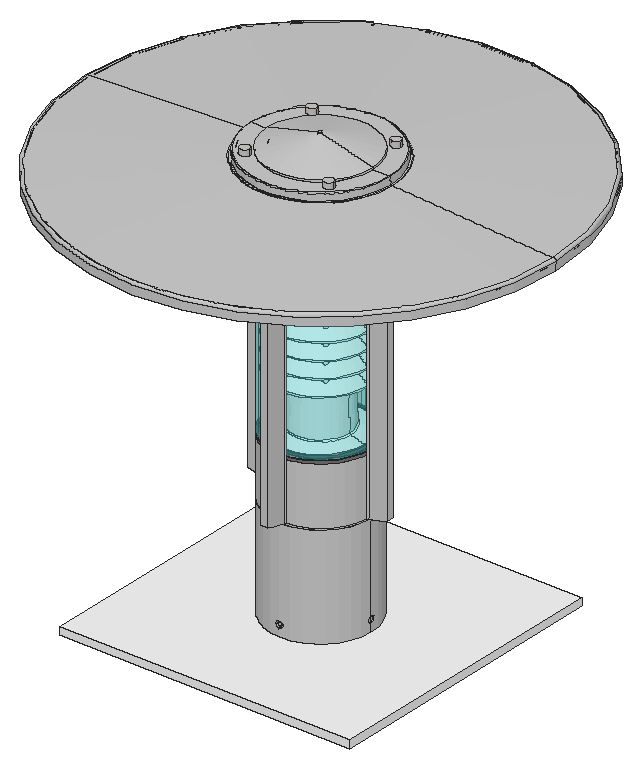
Revit family "BE_77142_de_DE", category Leuchten, Revit 2015 (continued)
Definition of nested family "BE_77142"
  Automatic sketch dimensions
    plane 3 "Mitte (Links/Rechts)" to Extrusion 42 sketch curve = 34.689 mm
    plane 1 "Mitte (Oben/Unten)" to Extrusion 42 sketch curve = 34.849 mm
    Extrusion 43 sketch curve to Extrusion 43 sketch curve = 0.396 mm  (x2)
    Extrusion 43 sketch curve to Extrusion 43 sketch curve = 1.479 mm  (x2)
    Extrusion 43 sketch curve to Extrusion 43 sketch curve = 1.757 mm
    Extrusion 43 sketch curve to Extrusion 43 sketch curve = 6.556 mm
    Extrusion 44 sketch curve to Extrusion 44 sketch curve = 0.396 mm  (x2)
    Extrusion 44 sketch curve to Extrusion 44 sketch curve = 1.479 mm  (x2)
    Extrusion 44 sketch curve to Extrusion 44 sketch curve = 1.757 mm
    Extrusion 44 sketch curve to Extrusion 44 sketch curve = 6.556 mm
    Extrusion 45 sketch curve to Extrusion 45 sketch curve = 0.396 mm  (x2)
    Extrusion 45 sketch curve to Extrusion 45 sketch curve = 1.479 mm  (x2)
    Extrusion 45 sketch curve to Extrusion 45 sketch curve = 1.757 mm
    Extrusion 45 sketch curve to Extrusion 45 sketch curve = 6.556 mm
    Extrusion 46 sketch curve to Extrusion 46 sketch curve = 0.396 mm  (x2)
    Extrusion 46 sketch curve to Extrusion 46 sketch curve = 1.479 mm  (x2)
    Extrusion 46 sketch curve to Extrusion 46 sketch curve = 1.757 mm
    Extrusion 46 sketch curve to Extrusion 46 sketch curve = 6.556 mm
    Extrusion 47 sketch curve to Extrusion 47 sketch curve = 0.396 mm  (x2)
    Extrusion 47 sketch curve to Extrusion 47 sketch curve = 1.479 mm  (x2)
    Extrusion 47 sketch curve to Extrusion 47 sketch curve = 1.757 mm
    Extrusion 47 sketch curve to Extrusion 47 sketch curve = 6.556 mm
    Extrusion 48 sketch curve to Extrusion 48 sketch curve = 0.396 mm  (x2)
    Extrusion 48 sketch curve to Extrusion 48 sketch curve = 1.479 mm  (x2)
    Extrusion 48 sketch curve to Extrusion 48 sketch curve = 1.757 mm
    Extrusion 48 sketch curve to Extrusion 48 sketch curve = 6.556 mm
    plane 3 "Mitte (Links/Rechts)" to Extrusion 43 sketch curve = 3.464 mm
    plane 1 "Mitte (Oben/Unten)" to Extrusion 43 sketch curve = 27.52 mm
    plane 1 "Mitte (Oben/Unten)" to Extrusion 44 sketch curve = 16.021 mm
    Extrusion 44 sketch curve to plane 3 "Mitte (Links/Rechts)" = 20.82 mm
    plane 1 "Mitte (Oben/Unten)" to Extrusion 45 sketch curve = 10.02 mm
    plane 3 "Mitte (Links/Rechts)" to Extrusion 45 sketch curve = 24.284 mm
    Extrusion 46 sketch curve to plane 1 "Mitte (Oben/Unten)" = 16.021 mm
    plane 3 "Mitte (Links/Rechts)" to Extrusion 46 sketch curve = 20.82 mm
    Extrusion 47 sketch curve to plane 3 "Mitte (Links/Rechts)" = 3.464 mm
    Extrusion 47 sketch curve to plane 1 "Mitte (Oben/Unten)" = 27.52 mm
    Extrusion 48 sketch curve to plane 1 "Mitte (Oben/Unten)" = 10.02 mm
    Extrusion 48 sketch curve to plane 3 "Mitte (Links/Rechts)" = 24.284 mm
    Revolve 49 sketch curve to plane 3 "Mitte (Links/Rechts)" = 0 mm
    Revolve 49 sketch curve to plane 3 "Mitte (Links/Rechts)" = 3.1 mm
    Revolve 49 sketch curve to Revolve 49 sketch curve = 1.414 mm  (x2)
    Revolve 49 sketch curve to Revolve 49 sketch curve = 3.708 mm
    Revolve 49 sketch curve to Revolve 49 sketch curve = 0.598 mm
    Revolve 49 sketch curve to Revolve 49 sketch curve = 52.594 mm
    Revolve 49 sketch curve to Revolve 49 sketch curve = 0.294 mm  (x2)
    Revolve 49 sketch curve to Revolve 49 sketch curve = 1 mm
    Revolve 49 sketch curve to Revolve 49 sketch curve = 1.706 mm
    Revolve 49 sketch curve to Revolve 49 sketch curve = 2 mm
    plane 5 to Revolve 49 sketch curve = 60.546 mm
    Revolve 49 sketch curve to Revolve 49 sketch curve = 2.231 mm
    Revolve 49 sketch curve to Revolve 49 sketch curve = 0.063 mm
    plane 5 to Revolve 49 sketch curve = 46.714 mm
    Revolve 49 sketch curve to Revolve 49 sketch curve = 0.579 mm
    Revolve 49 sketch curve to Revolve 49 sketch curve = 13.724 mm
    Revolve 49 sketch curve to Revolve 49 sketch curve = 0.707 mm  (x3)
    Revolve 49 sketch curve to Revolve 49 sketch curve = 0 mm  (x8)
    Revolve 49 sketch curve to Revolve 49 sketch curve = 0.966 mm  (x3)
    Revolve 49 sketch curve to Revolve 49 sketch curve = 4.009 mm
    Revolve 49 sketch curve to Revolve 49 sketch curve = 3.856 mm
    Revolve 50 sketch curve to plane 3 "Mitte (Links/Rechts)" = 0 mm  (x2)
    Revolve 50 sketch curve to Revolve 50 sketch curve = 6 mm
    plane 5 to Revolve 50 sketch curve = 61.452 mm
    Revolve 50 sketch curve to Revolve 50 sketch curve = 0.808 mm
    Revolve 50 sketch curve to Revolve 50 sketch curve = 0 mm  (x2)
    radius of Extrusion 22 sketch curve = 6.5 mm  (x4)
    radius of Extrusion 39 sketch curve = 4 mm
    radius of Extrusion 40 sketch curve = 4 mm
    radius of Extrusion 41 sketch curve = 4 mm
    radius of Extrusion 42 sketch curve = 4 mm
Types (4, lengths in mm): name | built-in parameter 1150104 | Wattage | built-in parameter 1150134 | Modell | M_G | M_A | built-in parameter 1150105 | Lumens | Leuchtenlichtstrom | Lampenlichtstrom | LED_Modulbezeichnung | Farbtemperatur | Datei für fotometrisches Netz | Bestellnummer | built-in parameter 1150106 | built-in parameter 1150107
  BEGA_77142_Silber_K3 | 10.839 (stored number, unit not read) | 37.8 W | (empty or 0) | "77142AK3" | no | yes | 350.95 (stored number, unit not read) | 4410.13 lm | "1495 lm" | "4410 lm" | "6x LED-0146/830" | "3000 K" | "BE_77142K3.IES" | "77142AK3" | 3.5095 (stored number, unit not read) | 3000 (stored number, unit not read)
  BEGA_77142_Silber_K4 | 11.65 (stored number, unit not read) | 37.8 W | 12 | "77142A" | no | yes | 377.21 (stored number, unit not read) | 4740.12 lm | "1607 lm" | "4740 lm" | "6x LED-0146/840" | "4000 K" | "BE_77142.IES" | "77142A" | 3.7721 (stored number, unit not read) | 4000 (stored number, unit not read)
  BEGA_77142_Grafit_K3 | 10.839 (stored number, unit not read) | 37.8 W | (empty or 0) | "77142K3" | yes | no | 350.95 (stored number, unit not read) | 4410.13 lm | "1495 lm" | "4410 lm" | "6x LED-0146/830" | "3000 K" | "BE_77142K3.IES" | "77142K3" | 3.5095 (stored number, unit not read) | 3000 (stored number, unit not read)
  BEGA_77142_Grafit_K4 | 13.8 (stored number, unit not read) | 125.4 W | 12 | "77142" | yes | no | 1482.3 (stored number, unit not read) | 18627.2 lm | "1607 lm" | "4740 lm" | "6x LED-0146/840" | "4000 K" | "BE_77142.IES" | "77142" | 14.823 (stored number, unit not read) | 4000 (stored number, unit not read)
